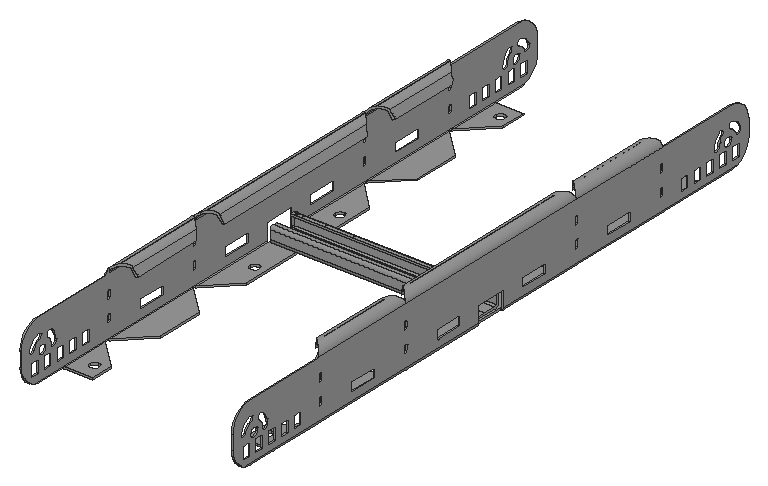
Revit family "Multifunktionsverbinder - LMFV 660 FS", category Generic Models, Revit 2017 (continued)
Dimensions and locks
  locked: cut or joined group 1 (Extrusion 2, Extrusion 7, Extrusion 8, Extrusion 9, Extrusion 11, Extrusion 12, Extrusion 15, Extrusion 27, Extrusion 28, Extrusion 30, Extrusion 31, Extrusion 32, Extrusion 33, Extrusion 34, Extrusion 35, Extrusion 36, Extrusion 38, Extrusion 45, Extrusion 46, Extrusion 47, Extrusion 48, Extrusion 49, Extrusion 50, Extrusion 51, Extrusion 52, Extrusion 53, Extrusion 54, Extrusion 55, Extrusion 56, Extrusion 57, Extrusion 58, Extrusion 59, Extrusion 60, Extrusion 61, Extrusion 62, Extrusion 63, Extrusion 64, Extrusion 65, Extrusion 66, Extrusion 75, Extrusion 76, Extrusion 78, Extrusion 79, Extrusion 80, Extrusion 81, Extrusion 82, Extrusion 83, Extrusion 84, Extrusion 85, Extrusion 86, Extrusion 87, Extrusion 88, Extrusion 89, Extrusion 90, Extrusion 91, Extrusion 92, Extrusion 97, Extrusion 98, Extrusion 99, Extrusion 100, Extrusion 102, Extrusion 105) to cut or joined group 1 at 1.5  (x2)
  cut or joined group 2 (Extrusion 1, Extrusion 4, Extrusion 5, Extrusion 6, Extrusion 7, Extrusion 8, Extrusion 9, Extrusion 11, Extrusion 12, Extrusion 13, Extrusion 14, Extrusion 15, Extrusion 16, Extrusion 17, Extrusion 19, Extrusion 20, Extrusion 21, Extrusion 22, Extrusion 23, Extrusion 24, Extrusion 25, Extrusion 26, Extrusion 27, Extrusion 28, Extrusion 29, Extrusion 30, Extrusion 31, Extrusion 32, Extrusion 33, Extrusion 34, Extrusion 35, Extrusion 36, Extrusion 37, Extrusion 38, Extrusion 39, Extrusion 45, Extrusion 49, Extrusion 50, Extrusion 52, Extrusion 53, Extrusion 54, Extrusion 57, Extrusion 61, Extrusion 62, Extrusion 66, Extrusion 67, Extrusion 69, Extrusion 70, Extrusion 71, Extrusion 72, Extrusion 73, Extrusion 74, Extrusion 93, Extrusion 94, Extrusion 95, Extrusion 96, Extrusion 101) to cut or joined group 2 = 54 mm
  locked: Extrusion 10 sketch curve to plane 33 at 12
  locked: Extrusion 10 sketch curve to Extrusion 10 sketch curve at 1.5  (x3)
  locked: plane 31 to Extrusion 10 sketch curve at 12
  locked: plane 31 to Extrusion 10 sketch curve at 11.487
  locked: Extrusion 10 sketch curve to Extrusion 10 sketch curve at 63.985
  locked: Extrusion 10 sketch curve to Extrusion 10 sketch curve at 27
  locked: Extrusion 10 sketch curve to Extrusion 10 sketch curve at 7.218
  locked: Extrusion 10 sketch curve to Extrusion 10 sketch curve at 8.864
  locked: cut or joined group 2 to plane 34 at 49
  locked: plane 21 to plane 35 at 54
  cut or joined group 2 to cut or joined group 2 = 1.5 mm
  locked: cut or joined group 2 to Extrusion 11 sketch curve at 49
  locked: plane 36 to cut or joined group 2 at 302
  locked: plane 36 to plane 38 at 100
  locked: plane 37 to plane 36 at 100
  locked: plane 37 to plane 40 at 100
  locked: plane 39 to plane 38 at 100
  locked: Extrusion 18 sketch curve to plane 45 at 12
  locked: Extrusion 18 sketch curve to Extrusion 18 sketch curve at 1.5  (x3)
  locked: plane 43 to Extrusion 18 sketch curve at 12
  locked: plane 43 to Extrusion 18 sketch curve at 11.487
  locked: Extrusion 18 sketch curve to Extrusion 18 sketch curve at 63.985
  locked: Extrusion 18 sketch curve to Extrusion 18 sketch curve at 27
  locked: Extrusion 18 sketch curve to Extrusion 18 sketch curve at 7.218
  locked: Extrusion 18 sketch curve to Extrusion 18 sketch curve at 8.864
  locked: plane 46 to plane 36 at 100
  plane 46 to plane 47 = 100 mm
  locked: plane 36 to plane 48 at 100
  locked: plane 49 to cut or joined group 2 at 41
  locked: cut or joined group 1 to plane 50 at 15
  locked: plane 50 to plane 51 at 15
  plane 51 to plane 52 = 15 mm
  locked: Extrusion 25 sketch curve to plane 50 at 4.5
  locked: plane 50 to Extrusion 25 sketch curve at 4.5
  locked: Extrusion 25 sketch curve to Extrusion 25 sketch curve at 12
  locked: plane 49 to Extrusion 25 sketch curve at 6
  locked: cut or joined group 1 to plane 54 at 15
  locked: plane 54 to plane 53 at 15
  locked: plane 55 to cut or joined group 2 at 40.991
  locked: Extrusion 26 sketch curve to Extrusion 26 sketch curve at 12  (x2)
  locked: plane 55 to Extrusion 26 sketch curve at 6  (x2)
  locked: Extrusion 26 sketch curve to Extrusion 26 sketch curve at 9  (x2)
  locked: plane 53 to Extrusion 26 sketch curve at 4.452
  locked: plane 53 to plane 56 at 15
  plane 56 to Extrusion 26 sketch curve = 4.5 mm
  locked: cut or joined group 1 to plane 60 at 15
  locked: plane 60 to plane 58 at 60
  locked: plane 57 to plane 58 at 15
  Extrusion 27 sketch curve to Extrusion 27 sketch curve = 12 mm  (x2)
  plane 59 to Extrusion 27 sketch curve = 6.196 mm  (x2)
  locked: Extrusion 27 sketch curve to Extrusion 27 sketch curve at 9
  locked: plane 57 to Extrusion 27 sketch curve at 4.5
  Extrusion 27 sketch curve to Extrusion 27 sketch curve = 9 mm
  locked: plane 58 to Extrusion 27 sketch curve at 4.5
  locked: plane 61 to cut or joined group 2 at 25.4
  locked: cut or joined group 1 to plane 62 at 24
  locked: plane 62 to Extrusion 28 sketch curve at 0
  locked: Extrusion 28 sketch curve to plane 61 at 4.5
  locked: plane 67 to plane 68 at 15
  plane 68 to plane 69 = 15 mm
  locked: Extrusion 29 sketch curve to plane 67 at 4.5
  locked: plane 67 to Extrusion 29 sketch curve at 4.5
  locked: Extrusion 29 sketch curve to Extrusion 29 sketch curve at 12
  locked: plane 66 to Extrusion 29 sketch curve at 6
  locked: plane 71 to plane 70 at 15
  locked: Extrusion 30 sketch curve to Extrusion 30 sketch curve at 12  (x2)
  locked: plane 72 to Extrusion 30 sketch curve at 6  (x2)
  locked: Extrusion 30 sketch curve to Extrusion 30 sketch curve at 9  (x2)
  locked: plane 70 to Extrusion 30 sketch curve at 4.452
  locked: plane 70 to plane 73 at 15
  plane 73 to Extrusion 30 sketch curve = 4.5 mm
  locked: plane 77 to plane 75 at 60
  locked: plane 74 to plane 75 at 15
  Extrusion 31 sketch curve to Extrusion 31 sketch curve = 12.009 mm
  plane 76 to Extrusion 31 sketch curve = 6.205 mm
  locked: Extrusion 31 sketch curve to Extrusion 31 sketch curve at 9
  locked: plane 74 to Extrusion 31 sketch curve at 4.5
  Extrusion 31 sketch curve to Extrusion 31 sketch curve = 9 mm
  locked: plane 75 to Extrusion 31 sketch curve at 4.5
  Extrusion 31 sketch curve to Extrusion 31 sketch curve = 12 mm
  plane 76 to Extrusion 31 sketch curve = 6.196 mm
  locked: plane 79 to Extrusion 32 sketch curve at 0
  locked: Extrusion 32 sketch curve to plane 78 at 4.5
  locked: Extrusion 33 sketch curve to Extrusion 33 sketch curve at 9  (x2)
  locked: plane 83 to Extrusion 33 sketch curve at 4.5  (x2)
  locked: plane 84 to Extrusion 33 sketch curve at 14
  locked: Extrusion 33 sketch curve to plane 84 at 14
  locked: Extrusion 33 sketch curve to Extrusion 33 sketch curve at 28
  locked: Extrusion 33 sketch curve to plane 85 at 14
  locked: Extrusion 34 sketch curve to Extrusion 34 sketch curve at 9  (x2)
  locked: plane 86 to Extrusion 34 sketch curve at 4.5  (x2)
  locked: plane 87 to Extrusion 34 sketch curve at 14
  locked: Extrusion 34 sketch curve to plane 87 at 14
  locked: Extrusion 34 sketch curve to Extrusion 34 sketch curve at 28
  locked: Extrusion 34 sketch curve to plane 88 at 14
  locked: Extrusion 35 sketch curve to Extrusion 35 sketch curve at 9  (x2)
  locked: plane 89 to Extrusion 35 sketch curve at 4.5  (x2)
  locked: plane 90 to Extrusion 35 sketch curve at 14
  locked: Extrusion 35 sketch curve to plane 90 at 14
  locked: Extrusion 35 sketch curve to Extrusion 35 sketch curve at 28
  locked: Extrusion 35 sketch curve to plane 91 at 14
  locked: cut or joined group 2 to plane 92 at 5.5
  plane 92 to cut or joined group 2 = 5.5 mm
  locked: plane 94 to plane 96 at 100
  locked: cut or joined group 2 to Extrusion 36 sketch curve at 18.007
  locked: plane 100 to cut or joined group 2 at 1
  locked: plane 101 to cut or joined group 1 at 25.4
  locked: plane 102 to cut or joined group 2 at 24
  locked: Extrusion 38 sketch curve to cut or joined group 2 at 8.248
  locked: Extrusion 38 sketch curve to cut or joined group 2 at 23.041
  locked: Extrusion 38 sketch curve to cut or joined group 2 at 40.538
  locked: Extrusion 38 sketch curve to cut or joined group 2 at 28.84
  locked: Extrusion 38 sketch curve to cut or joined group 2 at 26.359
  locked: Extrusion 38 sketch curve to cut or joined group 2 at 21.9
  locked: Extrusion 40 sketch curve to plane 135 at 12
  locked: Extrusion 40 sketch curve to Extrusion 40 sketch curve at 1.5  (x3)
  locked: plane 133 to Extrusion 40 sketch curve at 12
  locked: plane 133 to Extrusion 40 sketch curve at 11.487
  locked: Extrusion 40 sketch curve to Extrusion 40 sketch curve at 63.985
  locked: Extrusion 40 sketch curve to Extrusion 40 sketch curve at 27
  locked: Extrusion 40 sketch curve to Extrusion 40 sketch curve at 7.218
  locked: Extrusion 40 sketch curve to Extrusion 40 sketch curve at 8.864
  locked: plane 136 to plane 137 at 12
  locked: plane 139 to Extrusion 41 sketch curve at 12
  locked: Extrusion 41 sketch curve to Extrusion 41 sketch curve at 1.5  (x3)
  locked: plane 136 to Extrusion 41 sketch curve at 11.487
  locked: plane 136 to Extrusion 41 sketch curve at 12
  locked: Extrusion 41 sketch curve to Extrusion 41 sketch curve at 28.5
  locked: Extrusion 41 sketch curve to Extrusion 41 sketch curve at 16.987
  locked: Extrusion 42 sketch curve to plane 144 at 12
  locked: Extrusion 42 sketch curve to Extrusion 42 sketch curve at 1.5  (x3)
  locked: plane 142 to Extrusion 42 sketch curve at 12
  locked: plane 142 to Extrusion 42 sketch curve at 11.487
  locked: Extrusion 42 sketch curve to Extrusion 42 sketch curve at 63.985
  locked: Extrusion 42 sketch curve to Extrusion 42 sketch curve at 27
  locked: Extrusion 42 sketch curve to Extrusion 42 sketch curve at 7.218
  locked: Extrusion 42 sketch curve to Extrusion 42 sketch curve at 8.864
  locked: Extrusion 43 sketch curve to plane 149 at 12
  locked: Extrusion 43 sketch curve to Extrusion 43 sketch curve at 1.5  (x3)
  locked: plane 147 to Extrusion 43 sketch curve at 12
  locked: plane 147 to Extrusion 43 sketch curve at 11.487
  locked: Extrusion 43 sketch curve to Extrusion 43 sketch curve at 63.985
  locked: Extrusion 43 sketch curve to Extrusion 43 sketch curve at 27
  locked: Extrusion 43 sketch curve to Extrusion 43 sketch curve at 7.218
  locked: Extrusion 43 sketch curve to Extrusion 43 sketch curve at 8.864
  locked: Extrusion 44 sketch curve to plane 154 at 12
  locked: Extrusion 44 sketch curve to Extrusion 44 sketch curve at 1.5  (x3)
  locked: plane 152 to Extrusion 44 sketch curve at 12
  locked: plane 152 to Extrusion 44 sketch curve at 11.487
  locked: Extrusion 44 sketch curve to Extrusion 44 sketch curve at 63.985
  locked: Extrusion 44 sketch curve to Extrusion 44 sketch curve at 27
  locked: Extrusion 44 sketch curve to Extrusion 44 sketch curve at 7.218
  locked: Extrusion 44 sketch curve to Extrusion 44 sketch curve at 8.864
  locked: cut or joined group 1 to plane 157 at 49
  plane 1 "Center (Front/Back)" to plane 158 = 100 mm
  locked: plane 1 "Center (Front/Back)" to plane 159 at 100
  plane 8 to plane 162 = 100 mm
  locked: cut or joined group 1 to cut or joined group 1 at 54
  locked: Extrusion 54 sketch curve to Extrusion 54 sketch curve at 9
  locked: plane 165 to Extrusion 54 sketch curve at 4.5
  locked: Extrusion 54 sketch curve to Extrusion 54 sketch curve at 12
  locked: plane 163 to Extrusion 54 sketch curve at 6
  locked: Extrusion 55 sketch curve to Extrusion 55 sketch curve at 9
  locked: plane 168 to Extrusion 55 sketch curve at 4.5
  locked: Extrusion 55 sketch curve to Extrusion 55 sketch curve at 12
  locked: plane 166 to Extrusion 55 sketch curve at 6
  group 16 to group 17 = 0 mm  (x2)
  group 16 to group 17 = 15 mm
  locked: Extrusion 56 sketch curve to Extrusion 56 sketch curve at 9
  locked: plane 171 to Extrusion 56 sketch curve at 4.5
  locked: Extrusion 56 sketch curve to Extrusion 56 sketch curve at 12
  locked: plane 169 to Extrusion 56 sketch curve at 6
  group 17 to group 18 = 0 mm  (x2)
  group 17 to group 18 = 15 mm
  locked: cut or joined group 1 to plane 176 at 15
  locked: plane 176 to plane 175 at 60
  locked: plane 174 to plane 175 at 15
  locked: Extrusion 57 sketch curve to Extrusion 57 sketch curve at 12  (x2)
  locked: Extrusion 57 sketch curve to cut or joined group 1 at 7
  locked: Extrusion 57 sketch curve to Extrusion 57 sketch curve at 9  (x2)
  locked: Extrusion 57 sketch curve to plane 174 at 4.5
  locked: Extrusion 57 sketch curve to level at 8.5
  locked: plane 175 to Extrusion 57 sketch curve at 4.5
  locked: Extrusion 58 sketch curve to Extrusion 58 sketch curve at 9
  locked: Extrusion 58 sketch curve to plane 179 at 4.5
  locked: Extrusion 58 sketch curve to Extrusion 58 sketch curve at 12
  locked: plane 177 to Extrusion 58 sketch curve at 6
  locked: Extrusion 59 sketch curve to Extrusion 59 sketch curve at 9
  locked: Extrusion 59 sketch curve to plane 182 at 4.5
  locked: Extrusion 59 sketch curve to Extrusion 59 sketch curve at 12
  locked: plane 180 to Extrusion 59 sketch curve at 6
  locked: Extrusion 60 sketch curve to Extrusion 60 sketch curve at 9
  locked: Extrusion 60 sketch curve to plane 185 at 4.5
  locked: Extrusion 60 sketch curve to Extrusion 60 sketch curve at 12
  locked: plane 183 to Extrusion 60 sketch curve at 6
  locked: plane 190 to plane 189 at 60
  locked: plane 188 to plane 189 at 15
  locked: Extrusion 61 sketch curve to Extrusion 61 sketch curve at 12  (x2)
  locked: Extrusion 61 sketch curve to Extrusion 61 sketch curve at 9  (x2)
  locked: Extrusion 61 sketch curve to plane 188 at 4.5
  locked: plane 189 to Extrusion 61 sketch curve at 4.5
  plane 36 to plane 191 = 50 mm
  locked: Extrusion 62 sketch curve to Extrusion 62 sketch curve at 9
  locked: plane 193 to Extrusion 62 sketch curve at 4.5
  locked: Extrusion 62 sketch curve to Extrusion 62 sketch curve at 28
  locked: Extrusion 62 sketch curve to plane 191 at 14
  locked: Extrusion 63 sketch curve to Extrusion 63 sketch curve at 9
  locked: plane 196 to Extrusion 63 sketch curve at 4.5
  locked: Extrusion 63 sketch curve to Extrusion 63 sketch curve at 28
  locked: Extrusion 63 sketch curve to plane 194 at 14
  group 22 to group 23 = 0 mm  (x2)
  group 22 to group 23 = 100 mm
  locked: Extrusion 64 sketch curve to Extrusion 64 sketch curve at 9
  locked: plane 199 to Extrusion 64 sketch curve at 4.5
  locked: Extrusion 64 sketch curve to Extrusion 64 sketch curve at 28
  locked: Extrusion 64 sketch curve to plane 197 at 14
  group 22 to group 24 = 0 mm  (x2)
  group 24 to group 22 = 100 mm
  locked: Extrusion 65 sketch curve to Extrusion 65 sketch curve at 9
  locked: plane 202 to Extrusion 65 sketch curve at 4.5
  locked: Extrusion 65 sketch curve to Extrusion 65 sketch curve at 28
  locked: Extrusion 65 sketch curve to plane 200 at 14
  group 24 to group 25 = 0 mm  (x2)
  group 25 to group 24 = 100 mm
  locked: cut or joined group 1 to plane 203 at 18.007
  cut or joined group 2 to cut or joined group 2 = 9 mm
  cut or joined group 1 to cut or joined group 2 = 9 mm
  locked: Extrusion 37 sketch curve to Extrusion 37 sketch curve at 4
  locked: Extrusion 37 sketch curve to plane 93 at 2
  locked: Extrusion 37 sketch curve to plane 206 at 4.5
  locked: plane 206 to Extrusion 37 sketch curve at 4.5
  locked: plane 208 to plane 210 at 100
  locked: Extrusion 67 sketch curve to Extrusion 67 sketch curve at 4
  locked: Extrusion 67 sketch curve to plane 207 at 2
  locked: Extrusion 67 sketch curve to plane 214 at 4.5
  locked: plane 214 to Extrusion 67 sketch curve at 4.5
  group 26 to group 27 = 0 mm  (x2)
  group 26 to group 27 = 20 mm
  locked: Extrusion 68 sketch curve to Extrusion 68 sketch curve at 4
  locked: Extrusion 68 sketch curve to plane 215 at 2
  locked: Extrusion 68 sketch curve to plane 222 at 4.5
  locked: plane 222 to Extrusion 68 sketch curve at 4.5
  locked: plane 224 to plane 226 at 100
  locked: Extrusion 69 sketch curve to Extrusion 69 sketch curve at 4
  locked: Extrusion 69 sketch curve to plane 223 at 2
  locked: Extrusion 69 sketch curve to plane 230 at 4.5
  locked: plane 230 to Extrusion 69 sketch curve at 4.5
  locked: plane 232 to plane 234 at 100
  locked: Extrusion 70 sketch curve to Extrusion 70 sketch curve at 4
  locked: Extrusion 70 sketch curve to plane 231 at 2
  locked: Extrusion 70 sketch curve to plane 238 at 4.5
  locked: plane 238 to Extrusion 70 sketch curve at 4.5
  group 30 to group 31 = 0 mm  (x2)
  group 30 to group 31 = 20 mm
  group 28 to group 32 = 0 mm  (x2)
  group 32 to group 28 = 100 mm
  locked: plane 240 to plane 242 at 100
  locked: Extrusion 71 sketch curve to Extrusion 71 sketch curve at 4
  locked: Extrusion 71 sketch curve to plane 239 at 2
  locked: Extrusion 71 sketch curve to plane 246 at 4.5
  locked: plane 246 to Extrusion 71 sketch curve at 4.5
  locked: plane 248 to plane 250 at 100
  locked: Extrusion 72 sketch curve to Extrusion 72 sketch curve at 4
  locked: Extrusion 72 sketch curve to plane 247 at 2
  locked: Extrusion 72 sketch curve to plane 254 at 4.5
  locked: plane 254 to Extrusion 72 sketch curve at 4.5
  group 33 to group 34 = 0 mm  (x2)
  group 33 to group 34 = 20 mm
  group 28 to group 35 = 0 mm  (x2)
  group 28 to group 35 = 200 mm
  locked: plane 256 to plane 258 at 100
  locked: Extrusion 73 sketch curve to Extrusion 73 sketch curve at 4
  locked: Extrusion 73 sketch curve to plane 255 at 2
  locked: Extrusion 73 sketch curve to plane 262 at 4.5
  locked: plane 262 to Extrusion 73 sketch curve at 4.5
  locked: plane 264 to plane 266 at 100
  locked: Extrusion 74 sketch curve to Extrusion 74 sketch curve at 4
  locked: Extrusion 74 sketch curve to plane 263 at 2
  locked: Extrusion 74 sketch curve to plane 270 at 4.5
  locked: plane 270 to Extrusion 74 sketch curve at 4.5
  group 36 to group 37 = 0 mm  (x2)
  group 36 to group 37 = 20 mm
  group 35 to group 38 = 0 mm  (x2)
  group 35 to group 38 = 100 mm
  locked: Extrusion 75 sketch curve to Extrusion 75 sketch curve at 4
  locked: Extrusion 75 sketch curve to plane 271 at 2
  locked: Extrusion 75 sketch curve to plane 272 at 4.5
  locked: plane 272 to Extrusion 75 sketch curve at 4.5
  locked: Extrusion 76 sketch curve to Extrusion 76 sketch curve at 4
  locked: Extrusion 76 sketch curve to plane 273 at 2
  locked: Extrusion 76 sketch curve to plane 274 at 4.5
  locked: plane 274 to Extrusion 76 sketch curve at 4.5
  group 39 to group 40 = 0 mm  (x2)
  group 39 to group 40 = 20 mm
  locked: Extrusion 77 sketch curve to Extrusion 77 sketch curve at 4
  locked: Extrusion 77 sketch curve to plane 275 at 2
  locked: Extrusion 77 sketch curve to plane 276 at 4.5
  locked: plane 276 to Extrusion 77 sketch curve at 4.5
  locked: Extrusion 78 sketch curve to Extrusion 78 sketch curve at 4
  locked: Extrusion 78 sketch curve to plane 277 at 2
  locked: Extrusion 78 sketch curve to plane 278 at 4.5
  locked: plane 278 to Extrusion 78 sketch curve at 4.5
  locked: Extrusion 79 sketch curve to Extrusion 79 sketch curve at 4
  locked: Extrusion 79 sketch curve to plane 279 at 2
  locked: Extrusion 79 sketch curve to plane 280 at 4.5
  locked: plane 280 to Extrusion 79 sketch curve at 4.5
  group 43 to group 44 = 0 mm  (x2)
  group 43 to group 44 = 20 mm
  group 41 to group 45 = 0 mm  (x2)
  group 41 to group 45 = 100 mm
  locked: Extrusion 80 sketch curve to Extrusion 80 sketch curve at 4
  locked: Extrusion 80 sketch curve to plane 281 at 2
  locked: Extrusion 80 sketch curve to plane 282 at 4.5
  locked: plane 282 to Extrusion 80 sketch curve at 4.5
  locked: Extrusion 81 sketch curve to Extrusion 81 sketch curve at 4
  locked: Extrusion 81 sketch curve to plane 283 at 2
  locked: Extrusion 81 sketch curve to plane 284 at 4.5
  locked: plane 284 to Extrusion 81 sketch curve at 4.5
  group 46 to group 47 = 0 mm  (x2)
  group 46 to group 47 = 20 mm
  group 41 to group 48 = 0 mm  (x2)
  group 48 to group 41 = 200 mm
  locked: Extrusion 82 sketch curve to Extrusion 82 sketch curve at 4
  locked: Extrusion 82 sketch curve to plane 285 at 2
  locked: Extrusion 82 sketch curve to plane 286 at 4.5
  locked: plane 286 to Extrusion 82 sketch curve at 4.5
  locked: Extrusion 83 sketch curve to Extrusion 83 sketch curve at 4
  locked: Extrusion 83 sketch curve to plane 287 at 2
  locked: Extrusion 83 sketch curve to plane 288 at 4.5
  locked: plane 288 to Extrusion 83 sketch curve at 4.5
  group 49 to group 50 = 0 mm  (x2)
  group 49 to group 50 = 20 mm
  group 48 to group 51 = 0 mm  (x2)
  group 51 to group 48 = 100 mm
  plane 289 to cut or joined group 1 = 25.207 mm
  locked: cut or joined group 1 to plane 290 at 24
  locked: cut or joined group 1 to cut or joined group 1 at 15.031
  locked: cut or joined group 1 to cut or joined group 1 at 12.848
